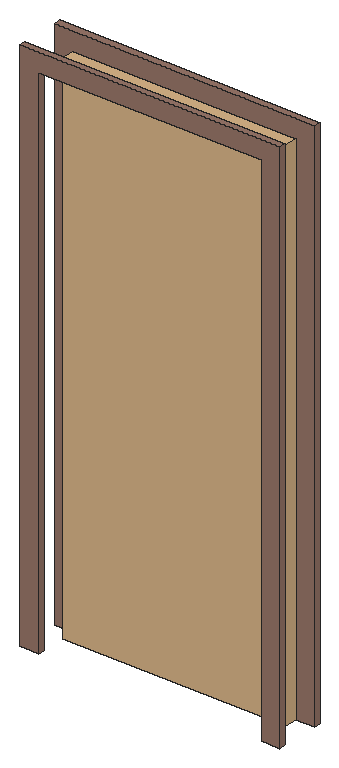
Revit family "Single-Flush", category Doors, host Wall, Revit 2020
Family settings
  Host = Wall
  OmniClass Number = 23.30.10.00
  OmniClass Title = Doors
  Always vertical = Yes
  Cut with Voids When Loaded = Yes
  Shared = Yes
  Room Calculation Point = Yes
Parameters (values of type "36" x 84"")
  Visual Light Transmittance = 0
  Trim Material = Paint - Sienna
  Thickness = 0' - 2"
  Thermal Resistance (R) = 2.5876 (h·ft²·°F)/BTU
  Swing Angle [instance] = 90.00°
  Solar Heat Gain Coefficient = 0
  Panel Material = Wood - Birch - Solid Stained Light Low Gloss
  Construction Type Id = "DOOR"
  Heat Transfer Coefficient (U) = 0.3865 BTU/(h·ft²·°F)
  Function = Interior
  Assembly Code = "C1020300"
  Height = 7' - 0"
  Trim Projection Ext. = 0' - 1"
  Trim Projection Int. = 0' - 1"
  Trim Width Ext. = 0' - 3"
  Trim Width Int. = 0' - 3"
  Wall Closure = By host
  Width = 3' - 0"
  Analytic Construction = "Wooden"
Reference planes (in)
  plane 1 "Center (Front/Back)": y = 0
  plane 2: z = 0
  plane 3 "Center (Left/Right)": x = 0
  plane 4 "Left": x = -18
  plane 5 "Right": x = 18
  plane 6: z = 84
  plane 7: y = 3
  plane 8: y = -3
  plane 9: y = 1
Forms (in)
  Extrusion 1, solid, material "Wood - Birch - Solid Stained Light Low Gloss" <- "Panel Material"
    sketch origin (-60, -3, 0) x (1, 0, 0) y (0, 0, 1)
      loop
        line (78, 84) -> (42, 84) -> (42, 0) -> (78, 0) -> (78, 84)
    from -6 to -4
  Extrusion 2, solid, material "Paint - Sienna" <- "Trim Material", detail levels fine
    sketch origin (-60, -3, 0) x (1, 0, 0) y (0, 0, 1)
      loop
        line (39, 87) -> (39, 0) -> (42, 0) -> (42, 84) -> (78, 84) -> (78, 0) -> (81, 0) -> (81, 87) -> (39, 87)
    from 0 to 1
  Extrusion 3, solid, material "Paint - Sienna" <- "Trim Material", detail levels fine
    sketch origin (-60, 3, 0) x (-1, 0, 0) y (0, 0, 1)
      loop
        line (-81, 87) -> (-81, 0) -> (-78, 0) -> (-78, 84) -> (-42, 84) -> (-42, 0) -> (-39, 0) -> (-39, 87) -> (-81, 87)
    from 0 to 1
Lines and regions (in)
  Opening 1
    outline origin (-60, -3, 144) x (0, 0, -1) y (1, 0, 0)
      loop
        line (60, 42) -> (144, 42) -> (144, 78) -> (60, 78) -> (60, 42)
  symbolic lines, style "Elevation Swing"
    curve 1: line (-18, 0, 0) -> (18, 0, 42)
    curve 2: line (-18, 0, 84) -> (18, 0, 42)
Dimensions and locks (in)
  equal spacing: plane 4 "Left", plane 3 "Center (Left/Right)", plane 5 "Right"
  "Width": plane 4 "Left" to plane 5 "Right"
  "Height": plane 6 to plane 2
  "Thickness": Extrusion 1 to Extrusion 1
  "Trim Projection Ext.": Extrusion 3 to host wall
  "Trim Projection Int.": Extrusion 2 to host wall
  "Trim Width Int.": Extrusion 2 sketch curve to plane 4 "Left"
  "Trim Width Int.": plane 5 "Right" to Extrusion 2 sketch curve
  "Trim Width Int.": Extrusion 2 sketch curve to plane 6
  "Trim Width Ext.": plane 5 "Right" to Extrusion 3 sketch curve
  "Trim Width Ext.": Extrusion 3 sketch curve to plane 4 "Left"
  "Trim Width Ext.": plane 6 to Extrusion 3 sketch curve
  equal spacing: level, curve 2, plane 6
  locked: plane 7 to host wall
  locked: host wall to plane 8
  "Thickness": plane 7 to plane 9
  aligned and locked: plane 5 "Right" to Extrusion 1 sketch curve
  aligned and locked: Extrusion 1 sketch curve to plane 6
  aligned and locked: plane 4 "Left" to Extrusion 1 sketch curve
  aligned and locked: Extrusion 1 to host wall  (x3)
  aligned and locked: host wall to Extrusion 1
  aligned and locked: nested 1 to plane 5 "Right"
  aligned and locked: plane 4 "Left" to nested 1
  aligned and locked: nested 2 to plane 4 "Left"
  aligned and locked: nested 1 to plane 7
  aligned and locked: plane 5 "Right" to nested 2
  aligned and locked: Extrusion 1 to plane 9
  aligned and locked: nested 2 to plane 9
Automatic sketch dimensions
  Opening 1 sketch curve to plane 6 = 0' - 0"
  Opening 1 sketch curve to level = 0' - 0"
  Opening 1 sketch curve to plane 4 "Left" = 0' - 0"
  Opening 1 sketch curve to plane 5 "Right" = 0' - 0"
  Extrusion 2 sketch curve to level = 0' - 0"  (x2)
  Extrusion 2 sketch curve to plane 4 "Left" = 0' - 0"
  Extrusion 2 sketch curve to plane 5 "Right" = 0' - 0"
  Extrusion 2 sketch curve to plane 6 = 0' - 0"
  Extrusion 3 sketch curve to level = 0' - 0"  (x2)
  Extrusion 3 sketch curve to plane 5 "Right" = 0' - 0"
  Extrusion 3 sketch curve to plane 4 "Left" = 0' - 0"
  Extrusion 3 sketch curve to plane 6 = 0' - 0"
  Extrusion 1 sketch curve to level = 0' - 0"
  curve 2 to plane 4 "Left" = 0' - 0"
  curve 2 to plane 6 = 0' - 0"
  curve 2 to plane 5 "Right" = 0' - 0"
  curve 1 to level = 0' - 0"
  curve 1 to plane 4 "Left" = 0' - 0"
Nested families (in)
  nested 1: "Door Swing-Single" at (18, 3, 0), Swing Angle <- "Swing Angle", type "Single"
    with Swing Visible yes, Swing Angle 90.00°, Actual Angle 90.00°
  nested 2: "Door Swing-Single-Opposing" at (18, 1, 0), Swing Angle <- "Swing Angle", type "Single"
    with Swing Visible yes, Swing Angle 90.00°, Actual Angle 90.00°
Definition of nested family "Door Swing-Single"
  Parameters
    Width = 3' - 0"
    Thickness = 0' - 1 3/4"
    Swing Visible [instance] = Swing Angle > 1.00°  # yes
    Swing Angle [instance] = 45.00°
    Assembly Code = ""
    Analytic Construction = "<None>"
    Actual Angle [instance] = if(Swing Angle < 1.00°, 1.00°, Swing Angle)  # 45.00°
  Reference planes (in)
    plane 1 "Center (Front/Back)": y = 0
    plane 2: z = 0
    plane 3 "Center (Left/Right)": x = 0
    plane 4: x = -36
  Lines and regions (in)
    Masking region 1
      outline origin (0, 0, 0) x (-0.707107, 0.707107, 0) y (-0.707107, -0.707107, 0)
        loop
          line (0, 0) -> (36, 0) -> (36, 1.75) -> (0, 1.75) -> (0, 0)
    symbolic lines
      curve 1: line (0, 0, 0) -> (-36, 0, 0)
    symbolic lines, visible <- "Swing Visible"
      curve 2: arc (-36, 0, 0) -> (-33.25966, 13.7766, 0) -> (-25.45584, 25.45584, 0) r 36
    reference lines
      curve 3: line (0, 0, 0) -> (-25.45584, 25.45584, 0)
    model lines
      curve 4: line (0, 0, 0) -> (0, 0, 1)
  Dimensions and locks (in)
    "Width": plane 4 to plane 3 "Center (Left/Right)"
    locked: curve 2 to plane 3 "Center (Left/Right)"
    locked: curve 2 to plane 1 "Center (Front/Back)"
    "Width": curve 3 to curve 3
    "Thickness": Masking region 1 sketch curve to Masking region 1 sketch curve
    locked: curve 4 to plane 2 at 1
    "Width": radius of curve 2
    "Actual Angle": angle curve 2 to curve 2
    "Swing Angle": angle curve 3 to plane 1 "Center (Front/Back)"
    aligned and locked: curve 1 to plane 1 "Center (Front/Back)"
    aligned and locked: plane 3 "Center (Left/Right)" to curve 1
    aligned and locked: plane 3 "Center (Left/Right)" to curve 3
    aligned and locked: plane 1 "Center (Front/Back)" to curve 3
    aligned and locked: curve 3 to Masking region 1 sketch curve
    aligned and locked: Masking region 1 sketch curve to curve 3  (x2)
    aligned and locked: plane 3 "Center (Left/Right)" to curve 4
    aligned and locked: plane 2 to curve 4
Definition of nested family "Door Swing-Single-Opposing"
  Parameters
    Width = 3' - 0"
    Thickness = 0' - 1 3/4"
    Swing Visible [instance] = Swing Angle > 1.00°  # yes
    Swing Angle [instance] = 45.00°
    Assembly Code = ""
    Analytic Construction = "<None>"
    Actual Angle [instance] = if(Swing Angle < 1.00°, 1.00°, Swing Angle)  # 45.00°
  Reference planes (in)
    plane 1 "Center (Front/Back)": y = 0
    plane 2: z = 0
    plane 3 "Center (Left/Right)": x = 0
    plane 4: x = -36
  Lines and regions (in)
    symbolic lines
      curve 1: line (0, 0, 0) -> (-36, 0, 0)
      curve 5: line (0, 0, 0) -> (-25.45584, 25.45584, 0)
      curve 6: line (-25.45584, 25.45584, 0) -> (-26.69328, 24.21841, 0)
      curve 7: line (-26.69328, 24.21841, 0) -> (-1.23744, -1.23744, 0)
      curve 8: line (-1.23744, -1.23744, 0) -> (0, 0, 0)
    symbolic lines, visible <- "Swing Visible"
      curve 2: arc (-36, 0, 0) -> (-33.25966, 13.7766, 0) -> (-25.45584, 25.45584, 0) r 36
    reference lines
      curve 3: line (0, 0, 0) -> (-25.45584, 25.45584, 0)
    model lines
      curve 4: line (0, 0, 0) -> (0, 0, 1)
  Dimensions and locks (in)
    "Width": plane 4 to plane 3 "Center (Left/Right)"
    locked: curve 2 to plane 3 "Center (Left/Right)"
    locked: curve 2 to plane 1 "Center (Front/Back)"
    "Width": curve 3 to curve 3
    locked: curve 4 to plane 2 at 1
    "Thickness": curve 3 to curve 7
    "Width": radius of curve 2
    "Actual Angle": angle curve 2 to curve 2
    "Swing Angle": angle curve 3 to plane 1 "Center (Front/Back)"
    aligned and locked: curve 1 to plane 1 "Center (Front/Back)"
    aligned and locked: plane 3 "Center (Left/Right)" to curve 1
    aligned and locked: plane 3 "Center (Left/Right)" to curve 3
    aligned and locked: plane 1 "Center (Front/Back)" to curve 3
    aligned and locked: plane 3 "Center (Left/Right)" to curve 4
    aligned and locked: plane 2 to curve 4
    aligned and locked: curve 5 to curve 2
    aligned and locked: curve 6 to curve 3
    aligned and locked: curve 8 to curve 3
